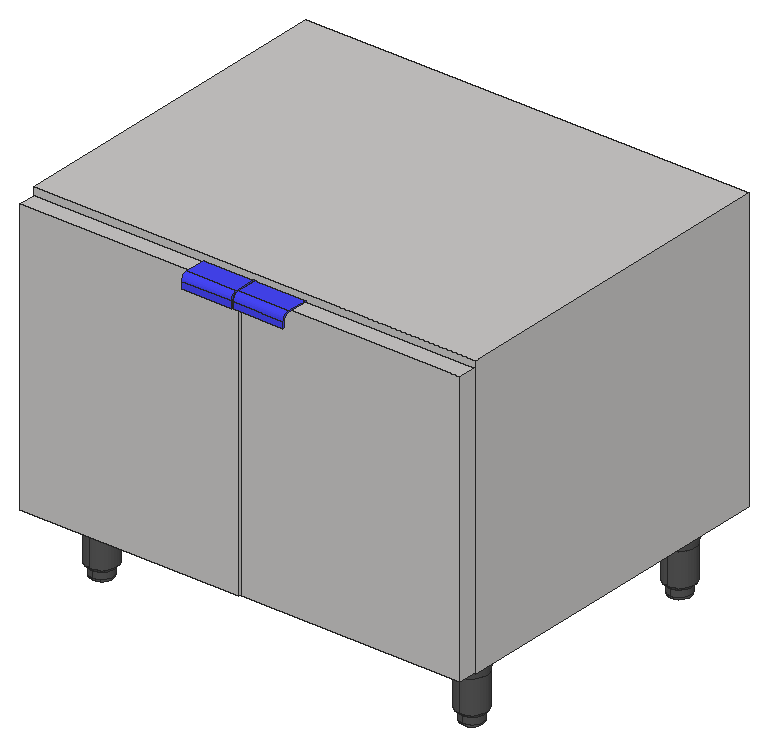
Revit family "QF_CAPIC_AVEN_W543033", category Equipement spécialisé, Revit 2018
Family settings
  Cote de connecteur circulaire = Utiliser le diamètre
  Type d'élément = Normal
  Numéro OmniClass = 23.40.40.14
  Titre OmniClass = Food Service Equipment
  Basée sur le plan de construction = Non
  Toujours verticalement = Oui
  Couper avec des vides une fois chargée = Non
  Partagée = Non
  Point de calcul de pièce = Non
Parameters (values of type "800 mm")
  profondeur porte ouverte = 630 mm + Longueur hors tout / 2  # 1030 mm
  URL catalogue = "http://www.capic-fr.com/fr/"
  Type de Raccord Plomberie [instance] = ""
  Type de Raccord Electrique [instance] = ""
  Type de Gaz = ""
  Type article [instance] = ""
  Tension = 0 V
  Spécification du Fabricant = ""
  Show Logo = yes
  Remarques evacuation [instance] = ""
  Remarques Plomberie [instance] = ""
  Remarques Electricité [instance] = ""
  Puissance électrique  = 0 W
  Puissance Gaz kW = 0
  Profondeur hors tout = 671 mm
  Pression Maximum Eau Adoucie = 0.0 Pa
  Poids net à vide = 43.00 kg
  Phase = 0
  Modèle = "W543033"
  Longueur hors tout = 800 mm
  Intensité nominale = 0 A
  Hauteur hors tout = 638 mm
  Hauteur de Raccordement du Sol Finis = 0 mm
  Hauteur de Raccordement Gaz du Sol Finis = 0 mm
  Hauteur de Raccordement Evacuation Directe du Sol Finis = 0 mm
  Hauteur de Raccordement Eau Froide du Sol Finis = 0 mm
  Hauteur de Raccordement Eau Chaude du Sol Finis = 0 mm
  Hauteur de Raccordement Eau Adoucie du Sol Finis = 0 mm
  Fréquence = 0 Hz
  Fabricant = "CAPIC"
  Etagere intermédiaire (option) [instance] = no
  Débit d'air d'extraction = 0.0 m³/h
  Débit Gaz = 0.0 L/s
  Débit Eau Froide = 0.0 L/s
  Débit Eau Chaude = 0.0 L/s
  Débit Eau Adoucie = 0.0 L/s
  Diamètre de Raccordement Gaz = 0 mm
  Diamètre de Raccordement Evacuation = 0 mm
  Diamètre de Raccordement Eau Froide = 0 mm
  Diamètre de Raccordement Eau Chaude = 0 mm
  Diamètre de Raccordement Eau Adoucie = 0 mm
  Description = "Placard fermé 2 portes"
  Assembly Code = ""
  Classification  Omniclass nombre et titre = "23.40.40.14"
Reference planes
  plane 1 "Centre (avant/arrière)": y = 0
  plane 2: z = 0
  plane 3 "Centre (gauche/droite)": x = 0
  plane 4: x = 800
  plane 5: y = -662
  plane 6: y = -45
  plane 7: x = 25
  plane 8: x = 775
  plane 9: y = -69
  plane 10: y = -539
  plane 11: x = 35
  plane 12: x = 765
  plane 13: x = 2
  plane 14: x = 798
  plane 15: y = -694.5
  plane 16: z = 627
  plane 17: y = -712
  plane 18: z = 625
  plane 19: y = -710
  plane 20: z = 603
  plane 21: x = 308
  plane 22: y = -1075
  plane 23: x = 400
  plane 24: x = 398
  plane 25: x = 402
  plane 26: x = 492
  plane 27: y = -678.25
Forms (mm)
  Extrusion 1, solid, material "QF_Stainless Steel-Brushed"
    sketch origin (0, 0, 0) x (1, 0, 0) y (0, 1, 0)
      loop
        line (0, -45) -> (0, -662) -> (800, -662) -> (800, -45) -> (0, -45)
    from 130 to 638
  Extrusion 2, void
    sketch origin (0, 0, 0) x (1, 0, 0) y (0, 1, 0)
      loop
        line (35, -69) -> (35, -662) -> (765, -662) -> (765, -69) -> (35, -69)
    from 175 to 608
  Extrusion 3, solid, material "QF_Stainless Steel-Brushed", visible <- "Etagere intermédiaire (option)"
    sketch origin (0, 0, 0) x (1, 0, 0) y (0, 1, 0)
      loop
        line (35, -69) -> (35, -662) -> (765, -662) -> (765, -69) -> (35, -69)
    from 370 to 400
  Extrusion 4, solid, material "QF_Stainless Steel-Brushed"
    sketch origin (0, 0, 0) x (1, 0, 0) y (0, 1, 0)
      loop
        line (2, -662) -> (2, -694.5) -> (398, -694.5) -> (398, -662) -> (2, -662)
    from 130 to 625
  Extrusion 5, solid, material "QF_Metal Sheet-Blue"
    sketch origin (0, 0, 0) x (0, 1, 0) y (0, 0, 1)
      loop
        line (-662, 627) -> (-700, 627)
        arc (-700, 627) -> (-708.485, 623.485) -> (-712, 615) r 12
        line (-712, 615) -> (-712, 603) -> (-710, 603) -> (-710, 615)
        arc (-710, 615) -> (-707.071, 622.071) -> (-700, 625) r 10
        line (-700, 625) -> (-662, 625) -> (-662, 627)
    from 398 to 308
  Extrusion 6, solid, material "QF_Metal Sheet-Blue"
    sketch origin (252, 0, 0) x (0, 1, 0) y (0, 0, 1)
      loop
        line (-662, 627) -> (-700, 627)
        arc (-700, 627) -> (-708.485, 623.485) -> (-712, 615) r 12
        line (-712, 615) -> (-712, 603) -> (-710, 603) -> (-710, 615)
        arc (-710, 615) -> (-707.071, 622.071) -> (-700, 625) r 10
        line (-700, 625) -> (-662, 625) -> (-662, 627)
    from 240 to 150
  Extrusion 7, solid, material "QF_Stainless Steel-Brushed"
    sketch origin (430, 0, 0) x (1, 0, 0) y (0, 1, 0)
      loop
        line (-28, -662) -> (-28, -694.5) -> (368, -694.5) -> (368, -662) -> (-28, -662)
    from 130 to 625
Cuts and joins
  Extrusion 2 cuts Extrusion 1
Lines and regions (mm)
  symbolic lines, style "SpecialityEquipmentHiddenLines", detail levels medium+fine
    curve 1: arc (798, -1075, 0) -> (523.261, -964.482, 0) -> (401.583, -694.5, 0) r 396.75
    curve 4: arc (2, -1075, 0) -> (276.739, -964.482, 0) -> (398.417, -694.5, 0) r 396.75
  symbolic lines, detail levels medium+fine
    curve 2: line (798, -1075, 0) -> (798, -694.5, 0)
    curve 3: line (2, -678.25, 0) -> (2, -1075, 0)
Dimensions and locks
  "Longueur hors tout": plane 3 "Centre (gauche/droite)" to plane 4
  plane 5 to plane 6 to plane 1 "Centre (avant/arrière)" = 617 mm locked, 45 mm locked
  plane 6 to plane 9 to plane 10 = 24 mm locked, 470 mm locked
  locked: plane 3 "Centre (gauche/droite)" to plane 7 at 25
  locked: plane 8 to plane 4 at 25
  locked: plane 3 "Centre (gauche/droite)" to plane 11 at 35
  locked: plane 12 to plane 4 at 35
  locked: plane 3 "Centre (gauche/droite)" to plane 13 at 2
  locked: plane 14 to plane 4 at 2
  locked: plane 5 to plane 15 at 32.5
  locked: plane 16 to plane 18 at 2
  locked: plane 19 to plane 17 at 2
  locked: plane 5 to plane 17 at 50
  locked: plane 16 to plane 20 at 24
  "profondeur porte ouverte": plane 6 to plane 22
  equal spacing: plane 3 "Centre (gauche/droite)", plane 23, plane 4
  locked: plane 23 to plane 25 at 2
  locked: plane 24 to plane 23 at 2
  locked: plane 21 to plane 24 at 90
  locked: plane 25 to plane 26 at 90
  aligned and locked: level to plane 2
  aligned and locked: plane 9 to nested 1
  aligned and locked: nested 1 to plane 7
  aligned and locked: plane 10 to nested 2
  aligned and locked: nested 2 to plane 7
  aligned and locked: plane 8 to nested 3
  aligned and locked: nested 3 to plane 9
  aligned and locked: plane 8 to nested 4
  aligned and locked: nested 4 to plane 10
  aligned and locked: Extrusion 2 sketch curve to plane 9
  aligned and locked: plane 11 to Extrusion 2 sketch curve
  aligned and locked: plane 5 to Extrusion 2 sketch curve
  aligned and locked: Extrusion 2 sketch curve to plane 12
  aligned and locked: Extrusion 4 sketch curve to plane 5
  aligned and locked: plane 13 to Extrusion 4 sketch curve
  aligned and locked: plane 15 to Extrusion 4 sketch curve
  aligned and locked: Extrusion 5 sketch curve to plane 16
  aligned and locked: plane 18 to Extrusion 5 sketch curve
  aligned and locked: Extrusion 5 sketch curve to plane 5
  aligned and locked: plane 20 to Extrusion 5 sketch curve
  aligned and locked: plane 19 to Extrusion 5 sketch curve
  aligned and locked: plane 21 to Extrusion 5
  aligned and locked: plane 24 to Extrusion 4
  aligned and locked: plane 24 to Extrusion 5
  aligned and locked: Extrusion 6 to plane 25
  aligned and locked: plane 26 to Extrusion 6
  aligned and locked: Extrusion 7 to plane 25
  aligned and locked: plane 14 to Extrusion 7
Automatic sketch dimensions
  Extrusion 1 sketch curve to plane 3 "Centre (gauche/droite)" = 0 mm
  Extrusion 1 sketch curve to plane 4 = 0 mm
  Extrusion 1 sketch curve to plane 5 = 0 mm
  Extrusion 1 sketch curve to plane 6 = 0 mm
  Extrusion 3 sketch curve to plane 5 = 0 mm
  Extrusion 3 sketch curve to plane 11 = 0 mm
  Extrusion 3 sketch curve to plane 12 = 0 mm
  Extrusion 3 sketch curve to plane 9 = 0 mm
  Extrusion 4 sketch curve to plane 24 = 0 mm
  Extrusion 5 sketch curve to Extrusion 5 sketch curve = 0 mm  (x2)
  Extrusion 5 sketch curve to plane 15 = 5.5 mm
  Extrusion 6 sketch curve to Extrusion 6 sketch curve = 0 mm  (x2)
  Extrusion 6 sketch curve to plane 17 = 0 mm
  Extrusion 6 sketch curve to plane 19 = 0 mm
  Extrusion 6 sketch curve to plane 18 = 0 mm
  Extrusion 6 sketch curve to plane 5 = 0 mm
  Extrusion 6 sketch curve to plane 20 = 0 mm
  Extrusion 6 sketch curve to plane 15 = 5.5 mm
  Extrusion 7 sketch curve to plane 15 = 0 mm
  Extrusion 7 sketch curve to plane 5 = 0 mm
  plane 25 to Extrusion 7 sketch curve = 0 mm
  Extrusion 7 sketch curve to plane 4 = 2 mm
  curve 4 to plane 13 = 0 mm
  curve 4 to plane 15 = 0 mm
  curve 1 to plane 15 = 0 mm
  curve 2 to plane 14 = 0 mm
  curve 1 to plane 22 = 0 mm
  curve 3 to plane 22 = 0 mm
  plane 15 to curve 2 = 0 mm
  plane 27 to curve 4 = 0 mm
  plane 27 to curve 3 = 0 mm
  plane 27 to curve 1 = 0 mm
Nested families
  nested 1: "QF_Details_Pied" at (13.5, -119, 0) x (0, -1, 0) z (0, 0, 1), type "QF_Details_Pied"
  nested 2: "QF_Details_Pied" at (13.5, -589, 0) x (0, -1, 0) z (0, 0, 1), type "QF_Details_Pied"
  nested 3: "QF_Details_Pied" at (683.5, -119, 0) x (0, -1, 0) z (0, 0, 1), type "QF_Details_Pied"
  nested 4: "QF_Details_Pied" at (683.5, -589, 0) x (0, -1, 0) z (0, 0, 1), type "QF_Details_Pied"
Definition of nested family "QF_Details_Pied"
  Reference planes
    plane 1 "Centre (avant/arrière)": y = 0
    plane 2: z = 0
    plane 3 "Centre (gauche/droite)": x = 0
  Forms (mm)
    Extrusion 1, solid
      sketch origin (-137.492, 51.5, -340.756) x (1, 0, 0) y (0, 0, 1)
        loop
          line (87.492, 481.756) -> (87.492, 472.756) -> (187.492, 472.756) -> (187.492, 481.756) -> (87.492, 481.756)
      from -40 to 40
    Revolve 2, solid
      sketch origin (0, 51.5, -9) x (1, 0, 0) y (0, 0, 1)
        loop
          line (0, 141) -> (0, 9) -> (19.21, 9) -> (19.21, 13) -> (20.21, 13) -> (20.21, 26) -> (21.71, 26) -> (26.66, 30.95) -> (26.66, 90.95) -> (31.468, 136.698) -> (36.246, 141) -> (0, 141)
        axis (0, 141) -> (0, 9)
      angle from 0 to 360
  Dimensions and locks
    aligned and locked: level to plane 2
    aligned and locked: Extrusion 1 to Revolve 2 sketch curve
